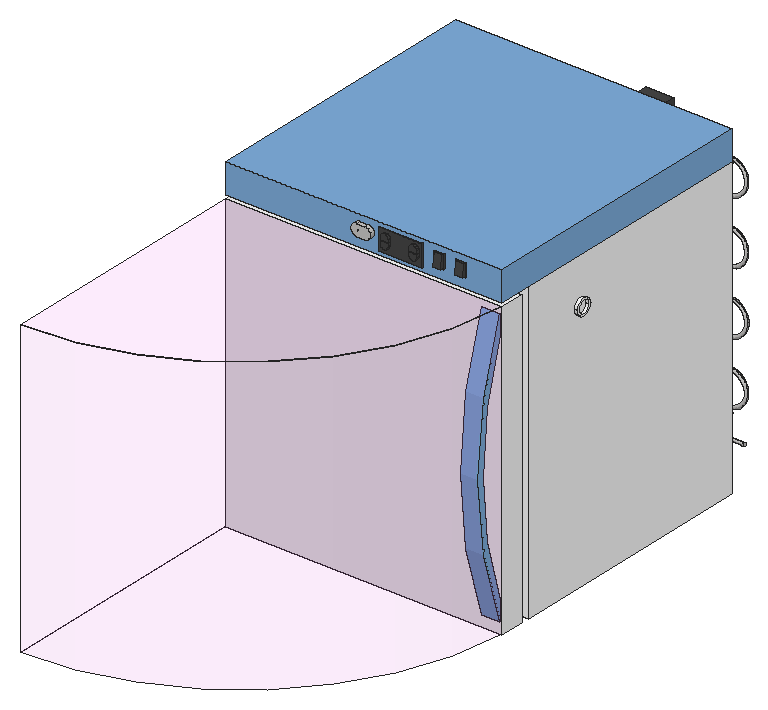
Revit family "QF_Summit_ARS1PV_Pharma_Vac_Compact_All_Refrigerator", category Specialty Equipment, Revit 2020
Family settings
  Round Connector Dimension = Use Diameter
  Part Type = Normal
  Work Plane-Based = No
  Always vertical = Yes
  Cut with Voids When Loaded = No
  Shared = No
  Room Calculation Point = No
Parameters
  Weight in Pounds = 61
  Watts = if(Phase = 3, Volts * FL Amps * 1.73, Volts * FL Amps)  # 69 W
  Volts = 115 V
  Ventilation Remarks = ""
  URL Cutsheet = ""
  Specification by User = ""
  Specification by Manufacturer = ""
  Show RHD [instance] = yes
  Show LHD [instance] = not(Show RHD)  # no
  Show Clearance [instance] = yes
  Serial Number = ""
  Seismic Rating = ""
  SMACNA No = ""
  Revision Code = ""
  Refrigerant Volume = 0.00 kip
  Refrigerant Type = "R600a"
  Phase = 1
  Number of Poles = 1
  NAFEM Spec ID Number = ""
  Model = "ARS1PV"
  Min Ckt Ampacity = 0 A
  Max Overcurrent Protection = 0 A
  Masterspec = ""
  Manufacturer = "Summit"
  Length = 17 1/2"
  Item Number = ""
  Installed By = ""
  Identify Quantity as Lot = yes
  Height = 21 1/2"
  HP = ""
  Furnished By = ""
  Foodservice Equipment Identifier = yes
  FL Amps = 0.6 A
  Electrical Remarks = ""
  Electric Connection Type = ""
  Elec Conn RI Height = 0"
  Elec Conn Connection Height = 0"
  Description = "Pharma-Vac Compact All-Refrigerator"
  Depth = 19 3/4"
  Default Elevation = 0"
  Cycle = 60 Hz
  Conn Plug = ""
  Conn Conduit = yes
  CSI MasterFormat = ""
  Base Height [instance] = 3/4"
  BTUH = 0.0 Btu/h
  Apparent Power = if(Phase = 3, Volts * FL Amps * 1.73, Volts * FL Amps)  # 69 VA
Reference planes (in)
  plane 1 "BACK": y = 0
  plane 2: z = 0
  plane 3 "LEFT": x = 0
  plane 4 "RIGHT": x = 17.5
  plane 5 "FRONT": y = -19.75
  plane 6 "TOP": z = 21.5
  plane 7 "Center Y": x = 8.75
  plane 8 "Center X": y = -9.875
  plane 9 "Base Height": z = 0.75
  plane 10: y = -36
  plane 11: z = 19.625
  plane 12: y = -1.5
  plane 13: y = -17.625
  plane 14: y = -21.5
  plane 15: z = 16.75
Forms (in)
  Extrusion 1, solid, material "QF_Plastic_White_Smooth"
    sketch origin (0, 0, 0.75) x (-1, 0, 0) y (0, -1, 0)
      loop
        line (0, 1.5) -> (0, 17.625) -> (-17.5, 17.625) -> (-17.5, 1.5) -> (0, 1.5)
    from 0 to 18.875
  Extrusion 2, solid, material "QF_Plastic_Light_Blue_Smooth"
    sketch origin (0, 0, 19.625) x (-1, 0, 0) y (0, -1, 0)
      loop
        line (0, 1.5) -> (0, 19.75) -> (-17.5, 19.75) -> (-17.5, 1.5) -> (0, 1.5)
    from 0 to 1.875
  Extrusion 3, solid, material "QF_Rubber - Black - Smooth"
    sketch origin (18.03357, -17.625, 0.75) x (-1, 0, 0) y (0, 0, -1)
      loop
        line (17.53357, -18.125) -> (17.53357, -0.5) -> (1.03357, -0.5) -> (1.03357, -18.125) -> (17.53357, -18.125)
      loop
        line (17.03357, -17.625) -> (17.03357, -1) -> (1.53357, -1) -> (1.53357, -17.625) -> (17.03357, -17.625)
    from 0 to 0.5
  Extrusion 4, solid, material "QF_Plastic_White_Smooth"
    sketch origin (18.03357, -18.125, 0.75) x (-1, 0, 0) y (0, 0, -1)
      loop
        line (0.53357, -18.625) -> (18.03357, -18.625) -> (18.03357, 0) -> (0.53357, 0) -> (0.53357, -18.625)
    from 0 to 1.625
  Extrusion 5, solid, material "QF_Rubber - Black - Smooth"
    sketch origin (0, -1.5, 0.75) x (1, 0, 0) y (0, 0, -1)
      loop
        circle (15.47103, -0.45918) r 0.25
    from 0 to 0.0625
  Revolve 6, solid, material "QF_Rubber - Black - Smooth"
    sketch origin (0, -3, 0) x (1, 0, 0) y (0, 0, 1)
      loop
        line (16, 0.75) -> (15.75, 0.75) -> (15.75, 0.625) -> (15.60377, 0.625)
        arc (15.60377, 0.625) -> (15.53039, 0.59461) -> (15.5, 0.52123) r 0.10377
        line (15.5, 0.52123) -> (15.5, 0.10316)
        arc (15.5, 0.10316) -> (15.53021, 0.03021) -> (15.60316, 0) r 0.10316
        line (15.60316, 0) -> (16, 0) -> (16, 0.75)
      axis (16, 0) -> (16, 0.75)
    angle from 0 to 360
  Revolve 7, solid, material "QF_Rubber - Black - Smooth"
    sketch origin (-14.5, -3, 0) x (1, 0, 0) y (0, 0, 1)
      loop
        line (16, 0.75) -> (15.75, 0.75) -> (15.75, 0.625) -> (15.60377, 0.625)
        arc (15.60377, 0.625) -> (15.53039, 0.59461) -> (15.5, 0.52123) r 0.10377
        line (15.5, 0.52123) -> (15.5, 0.10316)
        arc (15.5, 0.10316) -> (15.53021, 0.03021) -> (15.60316, 0) r 0.10316
        line (15.60316, 0) -> (16, 0) -> (16, 0.75)
      axis (16, 0) -> (16, 0.75)
    angle from 0 to 360
  Revolve 8, solid, material "QF_Rubber - Black - Smooth"
    sketch origin (0, -16.125, 0) x (1, 0, 0) y (0, 0, 1)
      loop
        line (16, 0.75) -> (15.75, 0.75) -> (15.75, 0.625) -> (15.60377, 0.625)
        arc (15.60377, 0.625) -> (15.53039, 0.59461) -> (15.5, 0.52123) r 0.10377
        line (15.5, 0.52123) -> (15.5, 0.10316)
        arc (15.5, 0.10316) -> (15.53021, 0.03021) -> (15.60316, 0) r 0.10316
        line (15.60316, 0) -> (16, 0) -> (16, 0.75)
      axis (16, 0) -> (16, 0.75)
    angle from 0 to 360
  Revolve 9, solid, material "QF_Rubber - Black - Smooth"
    sketch origin (-14.5, -16.125, 0) x (1, 0, 0) y (0, 0, 1)
      loop
        line (16, 0.75) -> (15.75, 0.75) -> (15.75, 0.625) -> (15.60377, 0.625)
        arc (15.60377, 0.625) -> (15.53039, 0.59461) -> (15.5, 0.52123) r 0.10377
        line (15.5, 0.52123) -> (15.5, 0.10316)
        arc (15.5, 0.10316) -> (15.53021, 0.03021) -> (15.60316, 0) r 0.10316
        line (15.60316, 0) -> (16, 0) -> (16, 0.75)
      axis (16, 0) -> (16, 0.75)
    angle from 0 to 360
  Extrusion 10, solid, material "QF_Metal_Black"
    sketch origin (18.02915, -19.75, 19.625) x (-1, 0, 0) y (0, 0, -1)
      loop
        line (8.27915, -1.625) -> (8.27915, -0.25) -> (5.52915, -0.25) -> (5.52915, -1.625) -> (8.27915, -1.625)
      loop
        line (4.77915, -1.5) -> (4.77915, -0.625) -> (4.15415, -0.625) -> (4.15415, -1.5) -> (4.77915, -1.5)
      loop
        line (3.40415, -0.625) -> (2.77915, -0.625) -> (2.77915, -1.5) -> (3.40415, -1.5) -> (3.40415, -0.625)
    from 0 to 0.0625
  Extrusion 11, solid, material "QF_Metal_Black"
    sketch origin (18.02915, -19.8125, 19.625) x (-1, 0, 0) y (0, 0, -1)
      loop
        line (7.55847, -1.00896) -> (7.55847, -1.17998)
        arc (7.55847, -1.17998) -> (7.80847, -1.42998) -> (8.05847, -1.17998) r 0.25
        line (8.05847, -1.17998) -> (8.05847, -1.00896) -> (7.55847, -1.00896)
      loop
        line (6.24983, -1.00896) -> (5.74983, -1.00896) -> (5.74983, -1.17998)
        arc (5.74983, -1.17998) -> (5.99983, -1.42998) -> (6.24983, -1.17998) r 0.25
        line (6.24983, -1.17998) -> (6.24983, -1.00896)
    from 0 to 0.125
  Extrusion 12, solid, material "QF_Metal_Black"
    sketch origin (18.02915, -19.8125, 19.625) x (-1, 0, 0) y (0, 0, -1)
      loop
        line (8.05847, -0.97188) -> (8.05847, -0.80086)
        arc (8.05847, -0.80086) -> (7.80847, -0.55086) -> (7.55847, -0.80086) r 0.25
        line (7.55847, -0.80086) -> (7.55847, -0.97188) -> (8.05847, -0.97188)
      loop
        line (6.24983, -0.97188) -> (6.24983, -0.80086)
        arc (6.24983, -0.80086) -> (5.99983, -0.55086) -> (5.74983, -0.80086) r 0.25
        line (5.74983, -0.80086) -> (5.74983, -0.97188) -> (6.24983, -0.97188)
    from 0 to 0.125
  Extrusion 13, solid, material "QF_Metal_Black"
    sketch origin (13.875, -19.75, 21.125) x (0, 0, -1) y (0, 1, 0)
      loop
        line (0.0625, -0.0625) -> (0.0625, -0.09634) -> (0.8125, -0.21513) -> (0.8125, -0.0625) -> (0.0625, -0.0625)
    from -0.5625 to -0.0625
  Extrusion 14, solid, material "QF_Metal_Black"
    sketch origin (15.25, -19.75, 21.125) x (0, 0, -1) y (0, 1, 0)
      loop
        line (0.0625, -0.09634) -> (0.8125, -0.21513) -> (0.8125, -0.0625) -> (0.0625, -0.0625) -> (0.0625, -0.09634)
    from -0.5625 to -0.0625
  Extrusion 15, solid, material "QF_Metal - Stainless - Polished"
    sketch origin (18.02915, -19.75, 19.625) x (-1, 0, 0) y (0, 0, -1)
      loop
        arc (8.99562, -0.71354) -> (8.62062, -1.08854) -> (8.99562, -1.46354) r 0.375
        line (8.99562, -1.46354) -> (9.49562, -1.46354)
        arc (9.49562, -1.46354) -> (9.87062, -1.08854) -> (9.49562, -0.71354) r 0.375
        line (9.49562, -0.71354) -> (8.99562, -0.71354)
      loop
        line (9.43255, -1.10322) -> (9.43255, -1.06436) -> (9.05969, -1.06436) -> (9.05969, -1.10322) -> (9.43255, -1.10322)
    from 0 to 0.25
  Extrusion 16, solid, material "QF_Plastic_Light_Blue_Smooth", visible <- "Show LHD"
    sketch origin (0, -17.5, 19.625) x (0, 0, -1) y (0, -1, 0)
      loop
        line (0.64639, 2.25) -> (1.89639, 2.25)
        arc (1.89639, 2.25) -> (9.39639, 3.56932) -> (16.89639, 2.25) r 21.97749
        line (16.89639, 2.25) -> (18.14639, 2.25)
        arc (18.14639, 2.25) -> (9.39639, 3.95659) -> (0.64639, 2.25) r 23.28472
    from -0.125 to -1.25
  Extrusion 17, solid, material "QF_Metal_Stainless_Polished"
    sketch origin (-0.84028, -1.5, 0.75) x (1, 0, 0) y (0, 0, -1)
      loop
        circle (2.26984, -17.74931) r 0.25
      loop
        circle (16.91073, -17.74931) r 0.25
      loop
        circle (2.26984, -3.50069) r 0.25
      loop
        circle (16.91073, -3.50069) r 0.25
    from 0 to 1.5
  Sweep 18, solid, material "QF_Metal_Stainless_Polished"
    path origin (-0.125, 0, 0) x (1, 0, 0) y (0, 0, 1)
      loop
        line (0.32085, 18.74931) -> (16.32085, 18.74931)
        arc (16.32085, 18.74931) -> (17.32085, 17.74931) -> (16.32085, 16.74931) r 1
        line (16.32085, 16.74931) -> (1.3368, 16.74931)
        arc (1.3368, 16.74931) -> (0.3368, 15.74931) -> (1.3368, 14.74931) r 1
        line (1.3368, 14.74931) -> (16.32048, 14.74931)
        arc (16.32048, 14.74931) -> (17.32048, 13.74931) -> (16.32048, 12.74931) r 1
        line (16.32048, 12.74931) -> (1.33704, 12.74931)
        arc (1.33704, 12.74931) -> (0.33704, 11.74931) -> (1.33704, 10.74931) r 1
        line (1.33704, 10.74931) -> (16.32129, 10.74931)
        arc (16.32129, 10.74931) -> (17.32129, 9.74931) -> (16.32129, 8.74931) r 1
        line (16.32129, 8.74931) -> (1.33589, 8.74931)
        arc (1.33589, 8.74931) -> (0.33589, 7.74931) -> (1.33589, 6.74931) r 1
        line (1.33589, 6.74931) -> (16.3102, 6.74931)
        arc (16.3102, 6.74931) -> (17.3102, 5.74931) -> (16.3102, 4.74931) r 1
        line (16.3102, 4.74931) -> (1.33204, 4.74931)
        arc (1.33204, 4.74931) -> (0.33204, 3.74931) -> (1.33204, 2.74931) r 1
        line (1.33204, 2.74931) -> (17.31994, 2.74931)
    profile origin (8.19585, 0, 18.74931) x (0, 0, 1) y (0, -1, 0)
      loop
        circle (0.09375, 0.09375) r 0.09375
  Extrusion 19, solid, material "QF_Plastic_White_Smooth"
    sketch origin (17.5, 0.01563, 0.05469) x (0, -1, 0) y (0, 0, -1)
      loop
        circle (13.55412, -16.69653) r 0.5
      loop
        circle (13.55412, -16.69653) r 0.40625
    from 0 to 0.25
  Extrusion 20, solid, material "QF_Metal_Black"
    sketch origin (0, -1.5, 19.625) x (1, 0, 0) y (0, 0, -1)
      loop
        line (13.03348, -1.625) -> (13.03348, -0.25) -> (11.28338, -0.25) -> (11.28338, -1.625) -> (13.03348, -1.625)
    from 0 to 0.96936
  Extrusion 21, solid, material "QF_Clearances_Door_Drawer", visible <- "Show LHD"
    sketch origin (0, 0, 0.75) x (-1, 0, 0) y (0, -1, 0)
      loop
        arc (0.00218, 19.75) -> (-5.54605, 31.32465) -> (-17.5, 35.99994) r 17.5
        line (-17.5, 35.99994) -> (-17.5, 19.75) -> (0.00218, 19.75)
    from 0 to 18.625
  Extrusion 22, solid, material "QF_Plastic_Light_Blue_Smooth", visible <- "Show RHD"
    sketch origin (17.5, -17.5, 19.625) x (0, 0, -1) y (0, 1, 0)
      loop
        arc (0.64639, -2.25) -> (9.39639, -3.95659) -> (18.14639, -2.25) r 23.28472
        line (18.14639, -2.25) -> (16.89639, -2.25)
        arc (16.89639, -2.25) -> (9.39639, -3.56932) -> (1.89639, -2.25) r 21.97749
        line (1.89639, -2.25) -> (0.64639, -2.25)
    from -0.125 to -1.25
  Extrusion 23, solid, material "QF_Clearances_Door_Drawer", visible <- "Show RHD"
    sketch origin (17.5, 0, 0.75) x (1, 0, 0) y (0, 1, 0)
      loop
        line (0.00218, -19.75) -> (-17.5, -19.75) -> (-17.5, -35.99994)
        arc (-17.5, -35.99994) -> (-5.54605, -31.32465) -> (0.00218, -19.75) r 17.5
    from 0 to 18.625
Lines and regions (in)
  Split face 1
    outline origin (18.02915, -20, 19.625) x (-1, 0, 0) y (0, 0, -1)
      loop
        circle (9.24562, -1.08854) r 0.1875
  Split face 2
    outline origin (18.02915, -19.75, 19.625) x (-1, 0, 0) y (0, 0, -1)
      loop
        arc (17.02661, -0.97896) -> (17.00794, -0.98485) -> (16.99602, -1.00038) r 0.03255
        arc (16.99602, -1.00038) -> (16.97782, -1.02895) -> (16.94924, -1.04716) r 0.07828
        arc (16.94924, -1.04716) -> (16.91146, -1.05382) -> (16.87367, -1.04716) r 0.11047
        arc (16.87367, -1.04716) -> (16.83753, -0.99554) -> (16.87367, -0.94392) r 0.05493
        arc (16.87367, -0.94392) -> (16.92704, -0.92912) -> (16.98206, -0.92285) r 0.35291
        arc (16.98206, -0.92285) -> (17.04954, -0.90912) -> (17.10888, -0.87416) r 0.20863
        arc (17.10888, -0.87416) -> (17.13758, -0.78679) -> (17.10888, -0.69942) r 0.14738
        arc (17.10888, -0.69942) -> (17.06091, -0.66081) -> (17.00012, -0.65099) r 0.12037
        arc (17.00012, -0.65099) -> (16.9277, -0.65589) -> (16.86146, -0.68556) r 0.20635
        arc (16.86146, -0.68556) -> (16.84516, -0.6915) -> (16.82885, -0.68556) r 0.02536
        line (16.82885, -0.68556) -> (16.80233, -0.66331) -> (16.73922, -0.66331)
        arc (16.73922, -0.66331) -> (16.71948, -0.66599) -> (16.70473, -0.67939) r 0.03358
        line (16.70473, -0.67939) -> (16.7141, -0.746) -> (16.7141, -1.0209)
        arc (16.7141, -1.0209) -> (16.74026, -1.07899) -> (16.79414, -1.11298) r 0.11051
        arc (16.79414, -1.11298) -> (16.856, -1.12585) -> (16.91902, -1.13053) r 0.48335
        arc (16.91902, -1.13053) -> (16.96815, -1.12688) -> (17.01601, -1.11517) r 0.29737
        arc (17.01601, -1.11517) -> (17.05923, -1.09385) -> (17.09519, -1.06177) r 0.17873
        line (17.09519, -1.06177) -> (17.12001, -1.00602)
        arc (17.12001, -1.00602) -> (17.11848, -0.98759) -> (17.10213, -0.97896) r 0.01924
        line (17.10213, -0.97896) -> (17.02661, -0.97896)
  Split face 3
    outline origin (18.02915, -19.75, 19.625) x (-1, 0, 0) y (0, 0, -1)
      loop
        arc (16.87151, -0.87416) -> (16.93486, -0.86077) -> (16.99569, -0.83856) r 0.45683
        arc (16.99569, -0.83856) -> (17.01101, -0.79626) -> (16.99569, -0.75396) r 0.06604
        arc (16.99569, -0.75396) -> (16.93331, -0.73587) -> (16.87093, -0.75396) r 0.11662
        arc (16.87093, -0.75396) -> (16.83944, -0.7904) -> (16.83343, -0.83817) r 0.08315
        arc (16.83343, -0.83817) -> (16.84396, -0.86358) -> (16.86936, -0.8741) r 0.03593
  Split face 4
    outline origin (18.02915, -19.75, 19.625) x (-1, 0, 0) y (0, 0, -1)
      loop
        arc (16.19653, -0.96137) -> (16.18896, -0.97738) -> (16.18959, -0.99508) r 0.03748
        arc (16.18959, -0.99508) -> (16.21902, -1.0545) -> (16.26802, -1.09917) r 0.17938
        arc (16.26802, -1.09917) -> (16.53792, -1.08431) -> (16.61763, -0.82603) r 0.23652
        arc (16.61763, -0.82603) -> (16.58424, -0.74133) -> (16.51398, -0.68343) r 0.18179
        arc (16.51398, -0.68343) -> (16.43766, -0.65499) -> (16.35621, -0.65562) r 0.22467
        arc (16.35621, -0.65562) -> (16.28624, -0.67338) -> (16.23074, -0.71955) r 0.16353
        arc (16.23074, -0.71955) -> (16.20366, -0.76165) -> (16.1839, -0.80764) r 0.30233
        arc (16.1839, -0.80764) -> (16.1839, -0.82738) -> (16.201, -0.83726) r 0.01975
        line (16.201, -0.83726) -> (16.26985, -0.83726)
        arc (16.26985, -0.83726) -> (16.2964, -0.82626) -> (16.30739, -0.79971) r 0.03754
        arc (16.30739, -0.79971) -> (16.39335, -0.74974) -> (16.4793, -0.79971) r 0.09891
        arc (16.4793, -0.79971) -> (16.50406, -0.88424) -> (16.48827, -0.97089) r 0.19105
        arc (16.48827, -0.97089) -> (16.45483, -1.01396) -> (16.40495, -1.03599) r 0.11135
        arc (16.40495, -1.03599) -> (16.35036, -1.02815) -> (16.31056, -0.98995) r 0.09008
        arc (16.31056, -0.98995) -> (16.30219, -0.96974) -> (16.28198, -0.96137) r 0.02858
        line (16.28198, -0.96137) -> (16.19653, -0.96137)
  Split face 5
    outline origin (18.02915, -19.75, 19.625) x (-1, 0, 0) y (0, 0, -1)
      loop
        arc (15.68872, -0.96137) -> (15.68115, -0.97738) -> (15.68178, -0.99508) r 0.03748
        arc (15.68178, -0.99508) -> (15.7112, -1.0545) -> (15.76021, -1.09917) r 0.17938
        arc (15.76021, -1.09917) -> (16.03011, -1.08431) -> (16.10982, -0.82603) r 0.23652
        arc (16.10982, -0.82603) -> (16.07643, -0.74133) -> (16.00617, -0.68343) r 0.18179
        arc (16.00617, -0.68343) -> (15.92985, -0.65499) -> (15.8484, -0.65562) r 0.22467
        arc (15.8484, -0.65562) -> (15.77843, -0.67338) -> (15.72293, -0.71955) r 0.16353
        arc (15.72293, -0.71955) -> (15.69585, -0.76165) -> (15.67609, -0.80764) r 0.30233
        arc (15.67609, -0.80764) -> (15.67609, -0.82738) -> (15.69319, -0.83726) r 0.01975
        line (15.69319, -0.83726) -> (15.76204, -0.83726)
        arc (15.76204, -0.83726) -> (15.78859, -0.82626) -> (15.79958, -0.79971) r 0.03754
        arc (15.79958, -0.79971) -> (15.88553, -0.74974) -> (15.97149, -0.79971) r 0.09891
        arc (15.97149, -0.79971) -> (15.99625, -0.88424) -> (15.98046, -0.97089) r 0.19105
        arc (15.98046, -0.97089) -> (15.94702, -1.01396) -> (15.89714, -1.03599) r 0.11135
        arc (15.89714, -1.03599) -> (15.84254, -1.02815) -> (15.80275, -0.98995) r 0.09008
        arc (15.80275, -0.98995) -> (15.79438, -0.96974) -> (15.77417, -0.96137) r 0.02858
        line (15.77417, -0.96137) -> (15.68872, -0.96137)
  Split face 6
    outline origin (18.02915, -19.75, 19.625) x (-1, 0, 0) y (0, 0, -1)
      loop
        arc (15.57616, -1.11804) -> (15.59539, -1.10813) -> (15.59847, -1.08671) r 0.02361
        line (15.59847, -1.08671) -> (15.59847, -0.86216)
        arc (15.59847, -0.86216) -> (15.59402, -0.77087) -> (15.55223, -0.6896) r 0.216
        arc (15.55223, -0.6896) -> (15.4382, -0.6491) -> (15.32417, -0.6896) r 0.18078
        arc (15.32417, -0.6896) -> (15.30688, -0.70072) -> (15.29219, -0.68635) r 0.01649
        arc (15.29219, -0.68635) -> (15.2835, -0.66989) -> (15.2661, -0.66331) r 0.02629
        line (15.2661, -0.66331) -> (15.20403, -0.66331)
        arc (15.20403, -0.66331) -> (15.18186, -0.67249) -> (15.17268, -0.69466) r 0.03135
        line (15.17268, -0.69466) -> (15.17268, -1.08097)
        arc (15.17268, -1.08097) -> (15.17601, -1.10626) -> (15.19864, -1.11804) r 0.02762
        line (15.19864, -1.11804) -> (15.26691, -1.11804)
        arc (15.26691, -1.11804) -> (15.28868, -1.10903) -> (15.29769, -1.08726) r 0.03079
        line (15.29769, -1.08726) -> (15.29769, -0.83664)
        arc (15.29769, -0.83664) -> (15.38622, -0.74811) -> (15.47475, -0.83664) r 0.08853
        line (15.47475, -0.83664) -> (15.47475, -1.09144)
        arc (15.47475, -1.09144) -> (15.48255, -1.11025) -> (15.50136, -1.11804) r 0.0266
        line (15.50136, -1.11804) -> (15.57616, -1.11804)
  Split face 7
    outline origin (18.02915, -19.75, 19.625) x (-1, 0, 0) y (0, 0, -1)
      loop
        arc (14.65799, -0.96137) -> (14.65041, -0.97738) -> (14.65104, -0.99508) r 0.03748
        arc (14.65104, -0.99508) -> (14.68047, -1.0545) -> (14.72947, -1.09917) r 0.17938
        arc (14.72947, -1.09917) -> (14.99937, -1.08431) -> (15.07908, -0.82603) r 0.23652
        arc (15.07908, -0.82603) -> (15.0457, -0.74133) -> (14.97543, -0.68343) r 0.18179
        arc (14.97543, -0.68343) -> (14.89911, -0.65499) -> (14.81767, -0.65562) r 0.22467
        arc (14.81767, -0.65562) -> (14.7477, -0.67338) -> (14.6922, -0.71955) r 0.16353
        arc (14.6922, -0.71955) -> (14.66512, -0.76165) -> (14.64536, -0.80764) r 0.30233
        arc (14.64536, -0.80764) -> (14.64536, -0.82738) -> (14.66246, -0.83726) r 0.01975
        line (14.66246, -0.83726) -> (14.7313, -0.83726)
        arc (14.7313, -0.83726) -> (14.75785, -0.82626) -> (14.76885, -0.79971) r 0.03754
        arc (14.76885, -0.79971) -> (14.8548, -0.74974) -> (14.94075, -0.79971) r 0.09891
        arc (14.94075, -0.79971) -> (14.96551, -0.88424) -> (14.94972, -0.97089) r 0.19105
        arc (14.94972, -0.97089) -> (14.91628, -1.01396) -> (14.86641, -1.03599) r 0.11135
        arc (14.86641, -1.03599) -> (14.81181, -1.02815) -> (14.77202, -0.98995) r 0.09008
        arc (14.77202, -0.98995) -> (14.76365, -0.96974) -> (14.74344, -0.96137) r 0.02858
        line (14.74344, -0.96137) -> (14.65799, -0.96137)
  Split face 8
    outline origin (18.02915, -19.75, 19.625) x (-1, 0, 0) y (0, 0, -1)
      loop
        circle (14.3561, -0.89848) r 0.26828
  Split face 9
    outline origin (18.02915, -19.75, 19.625) x (-1, 0, 0) y (0, 0, -1)
      loop
        line (14.42295, -0.93621) -> (14.48735, -0.8963) -> (14.42199, -0.85861) -> (14.42199, -0.78318) -> (14.35726, -0.82474) -> (14.29236, -0.78518) -> (14.29236, -0.85752) -> (14.22683, -0.89534) -> (14.29236, -0.93588) -> (14.29236, -1.00951) -> (14.35518, -0.97116) -> (14.42308, -1.00772) -> (14.42295, -0.93621)
  Split face 10
    outline origin (18.02915, -19.75, 19.625) x (-1, 0, 0) y (0, 0, -1)
      loop
        arc (14.03804, -1.29185) -> (14.06109, -1.2823) -> (14.07064, -1.25925) r 0.0326
        line (14.07064, -1.25925) -> (14.07064, -0.70273)
        arc (14.07064, -0.70273) -> (14.07064, -0.67645) -> (14.04788, -0.66331) r 0.02628
        line (14.04788, -0.66331) -> (13.97739, -0.66331)
        arc (13.97739, -0.66331) -> (13.95772, -0.67145) -> (13.94958, -0.69111) r 0.02781
        line (13.94958, -0.69111) -> (13.94958, -1.2599)
        arc (13.94958, -1.2599) -> (13.95894, -1.28249) -> (13.98153, -1.29185) r 0.03195
        line (13.98153, -1.29185) -> (14.03804, -1.29185)
  Split face 11
    outline origin (18.02915, -19.75, 19.625) x (-1, 0, 0) y (0, 0, -1)
      loop
        arc (13.51852, -1.29185) -> (13.53585, -1.28247) -> (13.54276, -1.26402) r 0.0281
        line (13.54276, -1.26402) -> (13.54276, -1.0983)
        arc (13.54276, -1.0983) -> (13.5522, -1.08449) -> (13.5685, -1.08826) r 0.01483
        arc (13.5685, -1.08826) -> (13.67394, -1.13843) -> (13.78472, -1.10155) r 0.15633
        arc (13.78472, -1.10155) -> (13.88153, -0.89232) -> (13.78472, -0.68309) r 0.2745
        arc (13.78472, -0.68309) -> (13.67932, -0.6502) -> (13.57392, -0.68309) r 0.1853
        arc (13.57392, -0.68309) -> (13.55765, -0.69514) -> (13.53823, -0.68939) r 0.02268
        arc (13.53823, -0.68939) -> (13.53337, -0.67124) -> (13.51635, -0.66331) r 0.02222
        line (13.51635, -0.66331) -> (13.45527, -0.66331)
        arc (13.45527, -0.66331) -> (13.4274, -0.67485) -> (13.41585, -0.70273) r 0.03942
        line (13.41585, -0.70273) -> (13.41585, -1.2599)
        arc (13.41585, -1.2599) -> (13.42521, -1.28249) -> (13.4478, -1.29185) r 0.03195
        line (13.4478, -1.29185) -> (13.51852, -1.29185)
  Split face 12
    outline origin (18.02915, -19.75, 19.625) x (-1, 0, 0) y (0, 0, -1)
      loop
        spline (13.64895, -1.0391) -> (13.67684, -1.0341) -> (13.70284, -1.01944) -> (13.72516, -0.99612) -> (13.74229, -0.96573) -> (13.75305, -0.93034) -> (13.75673, -0.89237) -> (13.75305, -0.85439) -> (13.74229, -0.819) -> (13.72516, -0.78861) -> (13.70284, -0.76529) -> (13.67684, -0.75063) -> (13.64895, -0.74563)
        spline (13.64895, -0.74563) -> (13.62105, -0.75063) -> (13.59506, -0.76529) -> (13.57274, -0.78861) -> (13.55561, -0.819) -> (13.54484, -0.85439) -> (13.54117, -0.89237) -> (13.54484, -0.93034) -> (13.55561, -0.96573) -> (13.57274, -0.99612) -> (13.59506, -1.01944) -> (13.62105, -1.0341) -> (13.64895, -1.0391)
  symbolic lines
    curve 1: line (0, -1.5, 0.75) -> (17.5, -1.5, 0.75)
    curve 2: line (0, -19.75, 0.75) -> (0, -1.5, 0.75)
    curve 3: line (17.5, -19.75, 0.75) -> (0, -19.75, 0.75)
    curve 4: line (17.5, -1.5, 0.75) -> (17.5, -19.75, 0.75)
    curve 5: line (11.28338, -0.53064, 0.75) -> (11.28338, -1.5, 0.75)
    curve 6: line (13.03348, -0.53064, 0.75) -> (11.28338, -0.53064, 0.75)
    curve 7: line (13.03348, -1.5, 0.75) -> (13.03348, -0.53064, 0.75)
    curve 8: line (1.17911, -1.5, 0.75) -> (1.17911, -0.1875, 0.75)
    curve 9: line (1.67911, -1.5, 0.75) -> (1.67911, -0.1875, 0.75)
    curve 10: line (0.28727, -0.1875, 0.75) -> (17.29155, -0.1875, 0.75)
    curve 11: line (17.29155, 0, 0.75) -> (0.28727, 0, 0.75)
    curve 12: arc (0.28727, 0, 0.75) -> (0.19352, -0.09375, 0.75) -> (0.28727, -0.1875, 0.75) r 0.09375
    curve 13: arc (17.29155, -0.1875, 0.75) -> (17.3853, -0.09375, 0.75) -> (17.29155, 0, 0.75) r 0.09375
    curve 14: line (15.82036, -0.1875, 0.75) -> (15.82036, -1.5, 0.75)
    curve 15: line (16.32042, -0.1875, 0.75) -> (16.32042, -1.5, 0.75)
    curve 16: line (17.75, -13.0385, 0.75) -> (17.75, -14.0385, 0.75)
    curve 17: line (17.75, -14.0385, 0.75) -> (17.5, -14.0385, 0.75)
    curve 18: line (17.75, -13.0385, 0.75) -> (17.5, -13.0385, 0.75)
    curve 22: line (8.15697, -19.75, 0.75) -> (8.15697, -20, 0.75)
    curve 23: line (8.15697, -20, 0.75) -> (9.40853, -20, 0.75)
    curve 24: line (9.40853, -20, 0.75) -> (9.40853, -19.75, 0.75)
    curve 25: line (9.75, -19.75, 0.75) -> (9.75, -19.8125, 0.75)
    curve 26: line (9.75, -19.8125, 0.75) -> (12.5, -19.8125, 0.75)
    curve 27: line (12.5, -19.8125, 0.75) -> (12.5, -19.75, 0.75)
    curve 28: line (13.25, -19.75, 0.75) -> (13.25, -19.8125, 0.75)
    curve 29: line (13.25, -19.8125, 0.75) -> (13.875, -19.8125, 0.75)
    curve 30: line (13.875, -19.8125, 0.75) -> (13.875, -19.75, 0.75)
    curve 31: line (14.625, -19.75, 0.75) -> (14.625, -19.8125, 0.75)
    curve 32: line (14.625, -19.8125, 0.75) -> (15.25, -19.8125, 0.75)
    curve 33: line (15.25, -19.8125, 0.75) -> (15.25, -19.75, 0.75)
  symbolic lines, visible <- "Show LHD"
    curve 19: line (0.125, -19.75, 0.75) -> (0.125, -21.50361, 0.75)
    curve 20: line (0.125, -21.50361, 0.75) -> (1.25, -21.50361, 0.75)
    curve 21: line (1.25, -21.50361, 0.75) -> (1.25, -19.75, 0.75)
  symbolic lines, style "QF_Clearances_Door_Drawer", visible <- "Show LHD"
    curve 34: arc (-0.00218, -19.75, 0.75) -> (0.89265, -24.15692, 0.75) -> (2.88096, -28.19031, 0.75) r 17.5
    curve 35: line (17.5, -19.75, 0.75) -> (2.88096, -28.19031, 0.75)
  symbolic lines, visible <- "Show RHD"
    curve 36: line (17.375, -19.75, 0.75) -> (17.375, -21.50361, 0.75)
    curve 37: line (17.375, -21.50361, 0.75) -> (16.25, -21.50361, 0.75)
    curve 38: line (16.25, -21.50361, 0.75) -> (16.25, -19.75, 0.75)
  symbolic lines, style "QF_Clearances_Door_Drawer", visible <- "Show RHD"
    curve 39: arc (17.50218, -19.75, 0.75) -> (16.60735, -24.15692, 0.75) -> (14.61904, -28.19031, 0.75) r 17.5
    curve 40: line (0, -19.75, 0.75) -> (14.61904, -28.19031, 0.75)
Dimensions and locks (in)
  equal spacing: plane 3 "LEFT", plane 7 "Center Y", plane 4 "RIGHT"
  "Length": plane 3 "LEFT" to plane 4 "RIGHT"
  equal spacing: plane 5 "FRONT", plane 8 "Center X", plane 1 "BACK"
  "Depth": plane 5 "FRONT" to plane 1 "BACK"
  "Height": plane 6 "TOP" to level
  "Base Height": plane 9 "Base Height" to level
  plane 10 to plane 1 "BACK" = 36"
  plane 12 to plane 1 "BACK" = 1 1/2"
  plane 12 to plane 13 = 16 1/8"
  plane 14 to plane 5 "FRONT" = 1 3/4"
  plane 6 "TOP" to plane 11 = 1 7/8"
  aligned and locked: level to plane 2
Automatic sketch dimensions
  plane 5 "FRONT" to curve 39 = 0"
  curve 4 to plane 4 "RIGHT" = 0"
  plane 5 "FRONT" to curve 36 = 0"
  plane 1 "BACK" to curve 11 = 0"
  curve 15 to plane 12 = 0"
  curve 3 to plane 3 "LEFT" = 0"
  plane 5 "FRONT" to curve 34 = 0"
  curve 18 to plane 4 "RIGHT" = 1/4"
  plane 4 "RIGHT" to curve 34 = 3/64"
  curve 36 to plane 14 = 0.00361"
  plane 4 "RIGHT" to curve 36 = 1/8"
  plane 1 "BACK" to curve 13 = 3/32"
  plane 4 "RIGHT" to curve 13 = 0.20845"
  curve 36 to curve 38 = 1 1/8"
  plane 5 "FRONT" to curve 32 = 1/16"
  curve 38 to curve 32 = 1"
  curve 32 to curve 31 = 5/8"
  plane 4 "RIGHT" to curve 40 = 2.88096"
  plane 5 "FRONT" to curve 30 = 1/16"
  curve 31 to curve 30 = 3/4"
  curve 29 to curve 28 = 5/8"
  plane 1 "BACK" to curve 7 = 0.53064"
  curve 10 to curve 7 = 4.25806"
  plane 5 "FRONT" to curve 27 = 1/16"
  curve 28 to curve 27 = 3/4"
  curve 6 to curve 5 = 1.7501"
  plane 7 "Center Y" to curve 26 = 1"
  curve 25 to curve 23 = 0.34147"
  plane 5 "FRONT" to curve 22 = 1/4"
  curve 22 to plane 7 "Center Y" = 0.59303"
  plane 3 "LEFT" to curve 35 = 2.88096"
  curve 20 to plane 14 = 0.00361"
  plane 3 "LEFT" to curve 20 = 1 1/4"
  plane 3 "LEFT" to curve 11 = 0.28727"
  plane 3 "LEFT" to curve 20 = 1/8"
  plane 3 "LEFT" to curve 39 = 3/64"
  curve 16 to plane 8 "Center X" = 3.1635"
  curve 16 to curve 17 = 1"
  curve 34 to plane 13 = 7/8"
  curve 39 to plane 13 = 7/8"
  curve 40 to plane 14 = 6.69031"
  curve 35 to plane 14 = 6.69031"
  curve 10 to curve 15 = 0.97113"
  curve 15 to curve 14 = 0.50006"
  plane 3 "LEFT" to curve 9 = 1.67911"
  curve 9 to curve 8 = 1/2"
  Extrusion 1 sketch curve to plane 4 "RIGHT" = 0"
  Extrusion 1 sketch curve to plane 3 "LEFT" = 0"
  Extrusion 1 sketch curve to plane 12 = 0"
  Extrusion 1 sketch curve to plane 13 = 0"
  Extrusion 2 sketch curve to Extrusion 1 = 0"  (x3)
  Extrusion 1 to Extrusion 2 sketch curve = 2 1/8"
  Extrusion 3 sketch curve to Extrusion 1 = 1/2"
  Extrusion 3 sketch curve to Extrusion 3 sketch curve = 1/2"  (x2)
  Extrusion 1 to Extrusion 3 sketch curve = 1"  (x2)
  Extrusion 1 to Extrusion 3 sketch curve = 1/2"  (x2)
  Extrusion 1 to Extrusion 3 sketch curve = 3/4"
  Extrusion 3 to Extrusion 4 sketch curve = 1/2"  (x4)
  Extrusion 1 to Extrusion 5 sketch curve = 0.45918"
  Extrusion 5 sketch curve to Extrusion 1 = 2.02897"
  Revolve 6 sketch curve to level = 0"
  Revolve 6 sketch curve to plane 9 "Base Height" = 0"  (x2)
  Revolve 6 sketch curve to plane 9 "Base Height" = 0.22877"
  plane 4 "RIGHT" to Revolve 6 sketch curve = 2"
  Revolve 6 sketch curve to Revolve 6 sketch curve = 0.10316"
  Revolve 6 sketch curve to Revolve 6 sketch curve = 0.10377"
  Revolve 6 sketch curve to Revolve 6 sketch curve = 0.14623"
  Revolve 6 sketch curve to Revolve 6 sketch curve = 0.39684"
  Revolve 6 sketch curve to Revolve 6 sketch curve = 0"
  plane 9 "Base Height" to Revolve 6 sketch curve = 0.28839"
  Revolve 7 sketch curve to level = 0"
  Revolve 7 sketch curve to plane 9 "Base Height" = 0"  (x2)
  Revolve 7 sketch curve to plane 9 "Base Height" = 0.22877"
  plane 3 "LEFT" to Revolve 7 sketch curve = 1"
  Revolve 7 sketch curve to Revolve 7 sketch curve = 0.10316"
  Revolve 7 sketch curve to Revolve 7 sketch curve = 0.10377"
  Revolve 7 sketch curve to Revolve 7 sketch curve = 0.14623"
  Revolve 7 sketch curve to Revolve 7 sketch curve = 0.39684"
  Revolve 7 sketch curve to Revolve 7 sketch curve = 0"
  plane 9 "Base Height" to Revolve 7 sketch curve = 0.28839"
  Revolve 8 sketch curve to level = 0"
  Revolve 8 sketch curve to plane 9 "Base Height" = 0"  (x2)
  Revolve 8 sketch curve to plane 9 "Base Height" = 0.22877"
  plane 4 "RIGHT" to Revolve 8 sketch curve = 2"
  Revolve 8 sketch curve to Revolve 8 sketch curve = 0.10316"
  Revolve 8 sketch curve to Revolve 8 sketch curve = 0.10377"
  Revolve 8 sketch curve to Revolve 8 sketch curve = 0.14623"
  Revolve 8 sketch curve to Revolve 8 sketch curve = 0.39684"
  Revolve 8 sketch curve to Revolve 8 sketch curve = 0"
  plane 9 "Base Height" to Revolve 8 sketch curve = 0.28839"
  Revolve 9 sketch curve to level = 0"
  Revolve 9 sketch curve to plane 9 "Base Height" = 0"  (x2)
  Revolve 9 sketch curve to plane 9 "Base Height" = 0.22877"
  plane 3 "LEFT" to Revolve 9 sketch curve = 1"
  Revolve 9 sketch curve to Revolve 9 sketch curve = 0.10316"
  Revolve 9 sketch curve to Revolve 9 sketch curve = 0.10377"
  Revolve 9 sketch curve to Revolve 9 sketch curve = 0.14623"
  Revolve 9 sketch curve to Revolve 9 sketch curve = 0.39684"
  Revolve 9 sketch curve to Revolve 9 sketch curve = 0"
  plane 9 "Base Height" to Revolve 9 sketch curve = 0.28839"
  Extrusion 2 to Extrusion 10 sketch curve = 5/8"  (x2)
  Extrusion 10 sketch curve to Extrusion 2 = 2 1/4"
  Extrusion 10 sketch curve to Extrusion 10 sketch curve = 5/8"  (x2)
  Extrusion 10 sketch curve to Extrusion 10 sketch curve = 3/4"  (x2)
  Extrusion 2 to Extrusion 10 sketch curve = 1/4"  (x2)
  Extrusion 10 sketch curve to Extrusion 10 sketch curve = 2 3/4"
  Extrusion 2 to Extrusion 10 sketch curve = 3/8"  (x2)
  Extrusion 11 sketch curve to Extrusion 10 = 0.22068"
  Extrusion 11 sketch curve to Extrusion 11 sketch curve = 1/4"  (x2)
  Extrusion 11 sketch curve to Extrusion 10 = 0.72068"
  Extrusion 11 sketch curve to Extrusion 10 = 0.32002"  (x2)
  Extrusion 11 sketch curve to Extrusion 11 sketch curve = 0.17103"  (x2)
  Extrusion 12 sketch curve to Extrusion 10 = 0.22068"
  Extrusion 12 sketch curve to Extrusion 10 = 0.17586"  (x2)
  Extrusion 12 sketch curve to Extrusion 12 sketch curve = 1/4"  (x2)
  Extrusion 12 sketch curve to Extrusion 10 = 0.34688"
  Extrusion 12 sketch curve to Extrusion 10 = 0.72068"
  Extrusion 12 sketch curve to Extrusion 12 sketch curve = 0.17103"
  Extrusion 13 sketch curve to Extrusion 10 = 0"
  Extrusion 13 sketch curve to Extrusion 10 = 1/16"
  Extrusion 10 to Extrusion 13 sketch curve = 1/16"
  Extrusion 13 sketch curve to Extrusion 10 = 0.03384"
  Extrusion 13 sketch curve to Extrusion 10 = 0.15263"
  Extrusion 14 sketch curve to Extrusion 10 = 0"
  Extrusion 14 sketch curve to Extrusion 10 = 1/16"
  Extrusion 10 to Extrusion 14 sketch curve = 1/16"
  Extrusion 14 sketch curve to Extrusion 10 = 0.03384"
  Extrusion 14 sketch curve to Extrusion 10 = 0.15263"
  Extrusion 2 to Extrusion 15 sketch curve = 0.78646"
  Extrusion 15 sketch curve to Extrusion 2 = 8.46647"
  Extrusion 15 sketch curve to Extrusion 15 sketch curve = 0.06407"
  Extrusion 15 sketch curve to Extrusion 15 sketch curve = 0.37286"
  Extrusion 15 sketch curve to Extrusion 15 sketch curve = 0.06308"
  Extrusion 15 sketch curve to Extrusion 15 sketch curve = 0.01468"
  Extrusion 15 sketch curve to Extrusion 15 sketch curve = 0.36032"
  Extrusion 15 sketch curve to Extrusion 15 sketch curve = 0.03886"
  Extrusion 15 to Split face 1 sketch curve = 0.01468"
  Extrusion 15 to Split face 1 sketch curve = 0.18593"
  Split face 2 sketch curve to Extrusion 2 = 1.32442"
  Split face 2 sketch curve to Split face 2 sketch curve = 0.00936"
  Split face 2 sketch curve to Split face 2 sketch curve = 0.02894"
  Split face 2 sketch curve to Split face 2 sketch curve = 0.00555"
  Split face 2 sketch curve to Split face 2 sketch curve = 0.06311"
  Split face 2 sketch curve to Split face 2 sketch curve = 0.10957"
  Split face 2 sketch curve to Split face 2 sketch curve = 0.02652"
  Split face 2 sketch curve to Split face 2 sketch curve = 0.0163"  (x2)
  Split face 2 sketch curve to Split face 2 sketch curve = 0.06879"
  Split face 2 sketch curve to Split face 2 sketch curve = 0.01899"
  Split face 2 sketch curve to Split face 2 sketch curve = 0.01018"
  Split face 2 sketch curve to Split face 2 sketch curve = 0.01101"
  Split face 2 sketch curve to Split face 2 sketch curve = 5/64"
  Split face 2 sketch curve to Split face 2 sketch curve = 0.03682"
  Split face 2 sketch curve to Split face 2 sketch curve = 0.0515"
  Split face 2 sketch curve to Split face 2 sketch curve = 0.05598"
  Split face 2 sketch curve to Split face 2 sketch curve = 0.01258"
  Split face 2 sketch curve to Split face 2 sketch curve = 0.10191"
  Split face 2 sketch curve to Split face 2 sketch curve = 0.02175"
  Split face 2 sketch curve to Split face 2 sketch curve = 0.06732"
  Split face 2 sketch curve to Split face 2 sketch curve = 0.06858"
  Split face 2 sketch curve to Split face 2 sketch curve = 0.07553"
  Split face 2 sketch curve to Split face 2 sketch curve = 0.0003"
  Split face 2 sketch curve to Split face 2 sketch curve = 0.01757"
  Split face 2 sketch curve to Extrusion 2 = 0.59946"
  Split face 2 sketch curve to Split face 2 sketch curve = 0.21378"
  Split face 2 sketch curve to Split face 2 sketch curve = 0.25464"
  Split face 2 sketch curve to Split face 2 sketch curve = 0.05026"
  Split face 2 sketch curve to Split face 2 sketch curve = 0.01442"
  Split face 2 sketch curve to Split face 2 sketch curve = 0.05575"
  Split face 2 sketch curve to Split face 2 sketch curve = 1/128"
  Split face 2 sketch curve to Split face 2 sketch curve = 0.01095"
  Split face 2 sketch curve to Split face 2 sketch curve = 0.02193"
  Split face 2 sketch curve to Split face 2 sketch curve = 0.02792"
  Split face 2 sketch curve to Split face 2 sketch curve = 0.03025"
  Split face 2 sketch curve to Split face 2 sketch curve = 0.08957"
  Split face 2 sketch curve to Split face 2 sketch curve = 0.02293"
  Split face 2 sketch curve to Split face 2 sketch curve = 0.06932"
  Split face 2 sketch curve to Split face 2 sketch curve = 0.01601"
  Split face 2 sketch curve to Split face 2 sketch curve = 0.08718"
  Split face 2 sketch curve to Split face 2 sketch curve = 0.05644"
  Split face 2 sketch curve to Split face 2 sketch curve = 0.04957"
  Split face 2 sketch curve to Split face 2 sketch curve = 0.01086"
  Split face 2 sketch curve to Split face 2 sketch curve = 0.01704"
  Split face 2 sketch curve to Split face 2 sketch curve = 0.01943"
  Split face 2 sketch curve to Split face 2 sketch curve = 0.01893"
  Split face 2 sketch curve to Split face 2 sketch curve = 0"  (x7)
  Split face 2 sketch curve to Split face 2 sketch curve = 0.03778"
  Split face 2 sketch curve to Split face 2 sketch curve = 0.02534"
  Split face 3 sketch curve to Extrusion 2 = 0.42164"
  Split face 3 sketch curve to Extrusion 2 = 1.22021"
  Split face 3 sketch curve to Split face 3 sketch curve = 0.06042"
  Split face 3 sketch curve to Split face 3 sketch curve = 0.04604"
  Split face 3 sketch curve to Split face 3 sketch curve = 0.0179"
  Split face 3 sketch curve to Split face 3 sketch curve = 0.02957"
  Split face 3 sketch curve to Split face 3 sketch curve = 0.37462"
  Split face 3 sketch curve to Split face 3 sketch curve = 0.02796"
  Split face 3 sketch curve to Split face 3 sketch curve = 0.01396"
  Split face 3 sketch curve to Split face 3 sketch curve = 0.02828"
  Split face 3 sketch curve to Split face 3 sketch curve = 0.03593"
  Split face 3 sketch curve to Split face 3 sketch curve = 0"
  Split face 3 sketch curve to Split face 3 sketch curve = 0.00215"
  Split face 3 sketch curve to Split face 3 sketch curve = 0.06238"
  Split face 3 sketch curve to Split face 3 sketch curve = 0.05071"
  Split face 4 sketch curve to Extrusion 2 = 0.91363"
  Split face 4 sketch curve to Extrusion 2 = 1.83262"
  Split face 4 sketch curve to Split face 4 sketch curve = 0.00447"
  Split face 4 sketch curve to Split face 4 sketch curve = 0.02913"
  Split face 4 sketch curve to Split face 4 sketch curve = 0.06885"
  Split face 4 sketch curve to Split face 4 sketch curve = 0.05632"
  Split face 4 sketch curve to Split face 4 sketch curve = 0.04342"
  Split face 4 sketch curve to Split face 4 sketch curve = 0.04721"
  Split face 4 sketch curve to Split face 4 sketch curve = 0.049"
  Split face 4 sketch curve to Split face 4 sketch curve = 0.02401"
  Split face 4 sketch curve to Split face 4 sketch curve = 0.00357"
  Split face 4 sketch curve to Split face 4 sketch curve = 0.00602"
  Split face 4 sketch curve to Split face 4 sketch curve = 0.03286"
  Split face 4 sketch curve to Split face 4 sketch curve = 0.00635"
  Split face 4 sketch curve to Split face 4 sketch curve = 0.04385"
  Split face 4 sketch curve to Split face 4 sketch curve = 0.03341"
  Split face 4 sketch curve to Split face 4 sketch curve = 0.02357"
  Split face 4 sketch curve to Split face 4 sketch curve = 0.02858"
  Split face 4 sketch curve to Split face 4 sketch curve = 0.04277"
  Split face 4 sketch curve to Split face 4 sketch curve = 0.00063"
  Split face 4 sketch curve to Split face 4 sketch curve = 0.02096"
  Split face 4 sketch curve to Split face 4 sketch curve = 0.02263"
  Split face 4 sketch curve to Split face 4 sketch curve = 0.02829"
  Split face 4 sketch curve to Split face 4 sketch curve = 0.05231"
  Split face 4 sketch curve to Split face 4 sketch curve = 0.02169"
  Split face 4 sketch curve to Split face 4 sketch curve = 0.02759"
  Split face 4 sketch curve to Split face 4 sketch curve = 0.00044"
  Split face 4 sketch curve to Split face 4 sketch curve = 0.05698"
  Split face 4 sketch curve to Split face 4 sketch curve = 0.02956"
  Split face 4 sketch curve to Split face 4 sketch curve = 0.01975"
  Split face 4 sketch curve to Split face 4 sketch curve = 0.03754"
  Split face 4 sketch curve to Split face 4 sketch curve = 0"  (x5)
  Split face 4 sketch curve to Split face 4 sketch curve = 0.0171"
  Split face 4 sketch curve to Split face 4 sketch curve = 0.12547"
  Split face 4 sketch curve to Split face 4 sketch curve = 0.03468"
  Split face 5 sketch curve to Extrusion 2 = 0.91363"
  Split face 5 sketch curve to Extrusion 2 = 2.34043"
  Split face 5 sketch curve to Split face 5 sketch curve = 0.00447"
  Split face 5 sketch curve to Split face 5 sketch curve = 0.02913"
  Split face 5 sketch curve to Split face 5 sketch curve = 0.06885"
  Split face 5 sketch curve to Split face 5 sketch curve = 0.05632"
  Split face 5 sketch curve to Split face 5 sketch curve = 0.04342"
  Split face 5 sketch curve to Split face 5 sketch curve = 0.04721"
  Split face 5 sketch curve to Split face 5 sketch curve = 0.049"
  Split face 5 sketch curve to Split face 5 sketch curve = 0.02401"
  Split face 5 sketch curve to Split face 5 sketch curve = 0.00357"
  Split face 5 sketch curve to Split face 5 sketch curve = 0.00602"
  Split face 5 sketch curve to Split face 5 sketch curve = 0.03286"
  Split face 5 sketch curve to Split face 5 sketch curve = 0.00635"
  Split face 5 sketch curve to Split face 5 sketch curve = 0.04385"
  Split face 5 sketch curve to Split face 5 sketch curve = 0.03341"
  Split face 5 sketch curve to Split face 5 sketch curve = 0.02357"
  Split face 5 sketch curve to Split face 5 sketch curve = 0.02858"
  Split face 5 sketch curve to Split face 5 sketch curve = 0.04277"
  Split face 5 sketch curve to Split face 5 sketch curve = 0.00063"
  Split face 5 sketch curve to Split face 5 sketch curve = 0.02096"
  Split face 5 sketch curve to Split face 5 sketch curve = 0.02263"
  Split face 5 sketch curve to Split face 5 sketch curve = 0.02829"
  Split face 5 sketch curve to Split face 5 sketch curve = 0.05231"
  Split face 5 sketch curve to Split face 5 sketch curve = 0.02169"
  Split face 5 sketch curve to Split face 5 sketch curve = 0.02759"
  Split face 5 sketch curve to Split face 5 sketch curve = 0.00044"
  Split face 5 sketch curve to Split face 5 sketch curve = 0.05698"
  Split face 5 sketch curve to Split face 5 sketch curve = 0.02956"
  Split face 5 sketch curve to Split face 5 sketch curve = 0.01975"
  Split face 5 sketch curve to Split face 5 sketch curve = 0.03754"
  Split face 5 sketch curve to Split face 5 sketch curve = 0"  (x5)
  Split face 5 sketch curve to Split face 5 sketch curve = 0.0171"
  Split face 5 sketch curve to Split face 5 sketch curve = 0.12547"
  Split face 5 sketch curve to Split face 5 sketch curve = 0.03468"
  Split face 6 sketch curve to Extrusion 2 = 0.79403"
  Split face 6 sketch curve to Extrusion 2 = 2.85647"
  Split face 6 sketch curve to Split face 6 sketch curve = 0.02595"
  Split face 6 sketch curve to Split face 6 sketch curve = 0.03135"
  Split face 6 sketch curve to Split face 6 sketch curve = 0.06207"
  Split face 6 sketch curve to Split face 6 sketch curve = 0.06827"
  Split face 6 sketch curve to Split face 6 sketch curve = 0.03079"
  Split face 6 sketch curve to Split face 6 sketch curve = 0.04245"
  Split face 6 sketch curve to Split face 6 sketch curve = 0.08768"
  Split face 6 sketch curve to Split face 6 sketch curve = 0.00085"
  Split face 6 sketch curve to Split face 6 sketch curve = 0.03656"
  Split face 6 sketch curve to Split face 6 sketch curve = 0.0266"
  Split face 6 sketch curve to Split face 6 sketch curve = 0.0748"
  Split face 6 sketch curve to Split face 6 sketch curve = 0.02231"
  Split face 6 sketch curve to Split face 6 sketch curve = 0.00573"
  Split face 6 sketch curve to Split face 6 sketch curve = 0.00628"
  Split face 6 sketch curve to Split face 6 sketch curve = 0.00473"
  Split face 6 sketch curve to Split face 6 sketch curve = 0.22455"
  Split face 6 sketch curve to Split face 6 sketch curve = 0.02551"
  Split face 6 sketch curve to Split face 6 sketch curve = 0.00677"
  Split face 6 sketch curve to Split face 6 sketch curve = 0.00986"
  Split face 6 sketch curve to Split face 6 sketch curve = 0.14199"
  Split face 6 sketch curve to Split face 6 sketch curve = 0.02629"
  Split face 6 sketch curve to Split face 6 sketch curve = 0.00528"
  Split face 6 sketch curve to Split face 6 sketch curve = 0"
  Split face 6 sketch curve to Split face 6 sketch curve = 1/64"
  Split face 7 sketch curve to Extrusion 2 = 0.91363"
  Split face 7 sketch curve to Extrusion 2 = 3.37116"
  Split face 7 sketch curve to Split face 7 sketch curve = 0.00447"
  Split face 7 sketch curve to Split face 7 sketch curve = 0.02913"
  Split face 7 sketch curve to Split face 7 sketch curve = 0.06885"
  Split face 7 sketch curve to Split face 7 sketch curve = 0.05632"
  Split face 7 sketch curve to Split face 7 sketch curve = 0.04342"
  Split face 7 sketch curve to Split face 7 sketch curve = 0.04721"
  Split face 7 sketch curve to Split face 7 sketch curve = 0.049"
  Split face 7 sketch curve to Split face 7 sketch curve = 0.02401"
  Split face 7 sketch curve to Split face 7 sketch curve = 0.00357"
  Split face 7 sketch curve to Split face 7 sketch curve = 0.00602"
  Split face 7 sketch curve to Split face 7 sketch curve = 0.03286"
  Split face 7 sketch curve to Split face 7 sketch curve = 0.00635"
  Split face 7 sketch curve to Split face 7 sketch curve = 0.04385"
  Split face 7 sketch curve to Split face 7 sketch curve = 0.03341"
  Split face 7 sketch curve to Split face 7 sketch curve = 0.02357"
  Split face 7 sketch curve to Split face 7 sketch curve = 0.02858"
  Split face 7 sketch curve to Split face 7 sketch curve = 0.04277"
  Split face 7 sketch curve to Split face 7 sketch curve = 0.00063"
  Split face 7 sketch curve to Split face 7 sketch curve = 0.02096"
  Split face 7 sketch curve to Split face 7 sketch curve = 0.02263"
  Split face 7 sketch curve to Split face 7 sketch curve = 0.02829"
  Split face 7 sketch curve to Split face 7 sketch curve = 0.05231"
  Split face 7 sketch curve to Split face 7 sketch curve = 0.02169"
  Split face 7 sketch curve to Split face 7 sketch curve = 0.02759"
  Split face 7 sketch curve to Split face 7 sketch curve = 0.00044"
  Split face 7 sketch curve to Split face 7 sketch curve = 0.05698"
  Split face 7 sketch curve to Split face 7 sketch curve = 0.02956"
  Split face 7 sketch curve to Split face 7 sketch curve = 0.01975"
  Split face 7 sketch curve to Split face 7 sketch curve = 0.03754"
  Split face 7 sketch curve to Split face 7 sketch curve = 0"  (x5)
  Split face 7 sketch curve to Split face 7 sketch curve = 0.0171"
  Split face 7 sketch curve to Split face 7 sketch curve = 0.12547"
  Split face 7 sketch curve to Split face 7 sketch curve = 0.03468"
  Split face 8 sketch curve to Extrusion 2 = 0.89848"
  Split face 8 sketch curve to Extrusion 2 = 3.67305"
  Split face 9 sketch curve to Extrusion 2 = 0.89534"
  Split face 9 sketch curve to Extrusion 2 = 3.80232"
  Split face 9 sketch curve to Extrusion 2 = 0.93588"
  Split face 9 sketch curve to Split face 9 sketch curve = 0.06553"  (x2)
  Split face 9 sketch curve to Extrusion 2 = 0.85752"
  Split face 9 sketch curve to Extrusion 2 = 0.90384"
  Split face 9 sketch curve to Split face 9 sketch curve = 0.06283"
  Split face 9 sketch curve to Extrusion 2 = 0.82474"
  Split face 9 sketch curve to Split face 9 sketch curve = 0.06491"
  Split face 9 sketch curve to Extrusion 2 = 0.85861"
  Split face 9 sketch curve to Split face 9 sketch curve = 0.06473"
  Split face 9 sketch curve to Extrusion 2 = 0.93621"
  Split face 9 sketch curve to Split face 9 sketch curve = 0.06777"
  Split face 9 sketch curve to Extrusion 2 = 0.86728"
  Split face 9 sketch curve to Split face 9 sketch curve = 0.00013"
  Split face 9 sketch curve to Extrusion 2 = 0.8963"
  Split face 9 sketch curve to Split face 9 sketch curve = 0.06536"
  Split face 9 sketch curve to Split face 9 sketch curve = 0.03835"
  Split face 9 sketch curve to Split face 9 sketch curve = 0.07234"
  Split face 9 sketch curve to Split face 9 sketch curve = 0.07543"
  Split face 10 sketch curve to Extrusion 2 = 0.69111"
  Split face 10 sketch curve to Extrusion 2 = 4.07957"
  Split face 10 sketch curve to Split face 10 sketch curve = 0.02781"
  Split face 10 sketch curve to Split face 10 sketch curve = 0.03195"
  Split face 10 sketch curve to Split face 10 sketch curve = 0.05651"
  Split face 10 sketch curve to Split face 10 sketch curve = 0.0705"
  Split face 10 sketch curve to Split face 10 sketch curve = 0.0326"
  Split face 10 sketch curve to Split face 10 sketch curve = 0.03942"
  Split face 10 sketch curve to Split face 10 sketch curve = 0.55652"
  Split face 11 sketch curve to Extrusion 2 = 0.6151"
  Split face 11 sketch curve to Extrusion 2 = 4 157/256"
  Split face 11 sketch curve to Split face 11 sketch curve = 0.03195"
  Split face 11 sketch curve to Split face 11 sketch curve = 0.03942"
  Split face 11 sketch curve to Split face 11 sketch curve = 0.06686"
  Split face 11 sketch curve to Split face 11 sketch curve = 0.06108"
  Split face 11 sketch curve to Split face 11 sketch curve = 0.00386"
  Split face 11 sketch curve to Split face 11 sketch curve = 0.0281"
  Split face 11 sketch curve to Split face 11 sketch curve = 0.03736"
  Split face 11 sketch curve to Split face 11 sketch curve = 0.01483"
  Split face 11 sketch curve to Split face 11 sketch curve = 0.04944"
  Split face 11 sketch curve to Split face 11 sketch curve = 0.07229"
  Split face 11 sketch curve to Split face 11 sketch curve = 0.07649"
  Split face 11 sketch curve to Split face 11 sketch curve = 0.16571"
  Split face 11 sketch curve to Split face 11 sketch curve = 0.11591"
  Split face 11 sketch curve to Split face 11 sketch curve = 0.09007"
  Split face 11 sketch curve to Split face 11 sketch curve = 0.05683"
  Split face 11 sketch curve to Split face 11 sketch curve = 0.18959"
  Split face 11 sketch curve to Split face 11 sketch curve = 0.02222"
  Split face 11 sketch curve to Split face 11 sketch curve = 0.0095"
  Split face 11 sketch curve to Split face 11 sketch curve = 0.02188"
  Split face 11 sketch curve to Split face 11 sketch curve = 0"
  Split face 11 sketch curve to Split face 11 sketch curve = 0.02021"
  Split face 11 sketch curve to Split face 11 sketch curve = 0.1054"
  Split face 12 sketch curve to Extrusion 2 = 0.8359"
  Split face 12 sketch curve to Extrusion 2 = 4.3802"
  Split face 12 sketch curve to Split face 12 sketch curve = 0.14674"
  Extrusion 16 sketch curve to Extrusion 4 = 0"  (x2)
  Extrusion 4 to Extrusion 16 sketch curve = 0.39639"
  Extrusion 16 sketch curve to Extrusion 16 sketch curve = 1 1/4"
  Extrusion 4 to Extrusion 16 sketch curve = 9.14639"
  Extrusion 16 sketch curve to Extrusion 16 sketch curve = 0"
  Extrusion 16 sketch curve to Extrusion 4 = 19.03317"
  Extrusion 16 sketch curve to Extrusion 16 sketch curve = 0.91997"
  Extrusion 17 sketch curve to Extrusion 1 = 1.42956"  (x4)
  Extrusion 1 to Extrusion 17 sketch curve = 1.12569"  (x2)
  Extrusion 1 to Extrusion 17 sketch curve = 3.50069"  (x2)
  plane 3 "LEFT" to Sweep 18 sketch curve = 1 53/256"
  plane 3 "LEFT" to Sweep 18 sketch curve = 1.21089"
  Sweep 18 sketch curve to plane 15 = 0.00069"
  plane 3 "LEFT" to Sweep 18 sketch curve = 1.2118"
  plane 3 "LEFT" to Sweep 18 sketch curve = 1.21204"
  plane 4 "RIGHT" to Sweep 18 sketch curve = 1.3148"
  plane 4 "RIGHT" to Sweep 18 sketch curve = 1.30452"
  plane 4 "RIGHT" to Sweep 18 sketch curve = 1.30415"
  plane 4 "RIGHT" to Sweep 18 sketch curve = 1.30371"
  Sweep 18 sketch curve to Sweep 18 sketch curve = 1"  (x7)
  plane 15 to Sweep 18 sketch curve = 0.99931"
  plane 3 "LEFT" to Sweep 18 sketch curve = 0.19585"
  plane 4 "RIGHT" to Sweep 18 sketch curve = 0.30506"
  Sweep 18 sketch curve to profile plane = 3/32"
  plane 1 "BACK" to Sweep 18 sketch curve = 3/32"
  Extrusion 19 sketch curve to Extrusion 19 sketch curve = 0"  (x2)
  Extrusion 1 to Extrusion 19 sketch curve = 4.0865"
  Extrusion 1 to Extrusion 19 sketch curve = 2.87378"
  Extrusion 2 to Extrusion 20 sketch curve = 1/4"  (x2)
  Extrusion 20 sketch curve to Extrusion 2 = 6.21662"
  Extrusion 20 sketch curve to Extrusion 20 sketch curve = 1.7501"
  Extrusion 21 sketch curve to plane 4 "RIGHT" = 0"
  plane 5 "FRONT" to Extrusion 21 sketch curve = 0"
  plane 4 "RIGHT" to Extrusion 21 sketch curve = 3/64"
  Extrusion 21 sketch curve to plane 3 "LEFT" = 0.00218"
  Extrusion 21 sketch curve to plane 13 = 7/8"
  Extrusion 22 sketch curve to plane 5 "FRONT" = 0"  (x2)
  Extrusion 22 sketch curve to plane 11 = 0.64639"
  plane 15 to Extrusion 22 sketch curve = 0.97861"
  Extrusion 22 sketch curve to plane 1 "BACK" = 0.90817"
  level to Extrusion 22 sketch curve = 10.22861"
  Extrusion 22 sketch curve to Extrusion 22 sketch curve = 0"
  Extrusion 22 sketch curve to Extrusion 22 sketch curve = 0.91997"
  Extrusion 23 sketch curve to plane 3 "LEFT" = 0"
  plane 5 "FRONT" to Extrusion 23 sketch curve = 0"
  Extrusion 23 sketch curve to plane 3 "LEFT" = 3/64"
  plane 4 "RIGHT" to Extrusion 23 sketch curve = 0.00218"
  plane 13 to Extrusion 23 sketch curve = 7/8"
  radius of Extrusion 5 sketch curve = 1/4"
  radius of Split face 1 sketch curve = 3/16"
  radius of Split face 8 sketch curve = 0.26828"
  radius of Extrusion 17 sketch curve = 1/4"  (x4)
  radius of Sweep 18 sketch curve = 3/32"
  radius of Extrusion 19 sketch curve = 1/2"
  radius of Extrusion 19 sketch curve = 13/32"
Connectors (in)
  electrical at (15.47103, -1.4375, 1.20918), driven by "Volts"
    settings: on Extrusion 5, index 1, voltage 115 V, apparent load 0 VA, apparent load phase1 0 VA, apparent load phase2 0 VA, apparent load phase3 0 VA, power factor 1, load classification "Other", number of poles 1, system type 30, power factor state 1, is connector primary yes, connector utility no, sub classification motor no, connector description "Electrical Connection"
